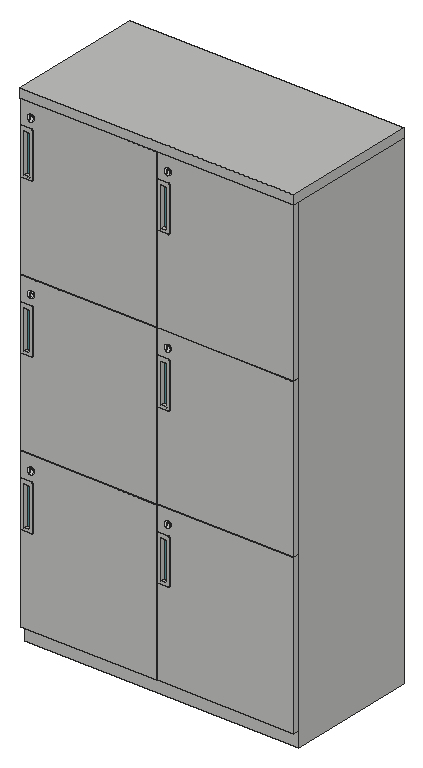
Revit family "Storage-Teknion-PLT_S_Locker_Tower_Standard-R2015", category Furniture, Revit 2015 (continued)
Forms (in)
  Extrusion 119, solid, material "Steel, Chrome Plated", visible <- "Lock Visibility 9"
    sketch origin (13.85, -9, -26.22222) x (-1, 0, 0) y (0, 0, -1)
      loop
        line (18.4817, -68.15331) -> (18.4817, -67.73113) -> (18.3563, -67.73113) -> (18.3563, -68.15331) -> (18.4817, -68.15331)
    from 0 to 0.1
  Extrusion 120, solid, material "Steel, Chrome Plated", visible <- "Lock Visibility 8"
    sketch origin (18.85, -9, -26.22222) x (-1, 0, 0) y (0, 0, -1)
      loop
        circle (17.419, -67.94222) r 0.4
      loop
        line (17.4817, -68.15331) -> (17.4817, -67.73113) -> (17.3563, -67.73113) -> (17.3563, -68.15331) -> (17.4817, -68.15331)
    from 0 to 0.1
  Extrusion 121, solid, material "Steel, Chrome Plated", visible <- "Lock Visibility 9"
    sketch origin (25.85, -9, -26.22222) x (-1, 0, 0) y (0, 0, -1)
      loop
        circle (18.419, -67.94222) r 0.4
      loop
        line (18.4817, -68.15331) -> (18.4817, -67.73113) -> (18.3563, -67.73113) -> (18.3563, -68.15331) -> (18.4817, -68.15331)
    from 0 to 0.1
  Extrusion 122, solid, material "Steel, Chrome Plated", visible <- "Lock Visibility 5"
    sketch origin (1.1, -9, -35.47222) x (-1, 0, 0) y (0, 0, -1)
      loop
        circle (17.669, -66.79222) r 0.4
      loop
        line (17.7317, -67.00331) -> (17.7317, -66.58113) -> (17.6063, -66.58113) -> (17.6063, -67.00331) -> (17.7317, -67.00331)
    from 0 to 0.1
  Extrusion 123, solid, material "Steel, Chrome Plated", visible <- "Lock Visibility 7"
    sketch origin (13.85, -9, -35.47222) x (-1, 0, 0) y (0, 0, -1)
      loop
        circle (18.419, -66.79222) r 0.4
      loop
        line (18.4817, -67.00331) -> (18.4817, -66.58113) -> (18.3563, -66.58113) -> (18.3563, -67.00331) -> (18.4817, -67.00331)
    from 0 to 0.1
  Extrusion 124, solid, material "Steel, Chrome Plated", visible <- "Lock Visibility 6"
    sketch origin (18.85, -9, -35.47222) x (-1, 0, 0) y (0, 0, -1)
      loop
        circle (17.419, -66.79222) r 0.4
      loop
        line (17.4817, -67.00331) -> (17.4817, -66.58113) -> (17.3563, -66.58113) -> (17.3563, -67.00331) -> (17.4817, -67.00331)
    from 0 to 0.1
  Extrusion 125, solid, material "Steel, Chrome Plated", visible <- "Lock Visibility 7"
    sketch origin (25.85, -9, -35.47222) x (-1, 0, 0) y (0, 0, -1)
      loop
        circle (18.419, -66.79222) r 0.4
      loop
        line (18.4817, -67.00331) -> (18.4817, -66.58113) -> (18.3563, -66.58113) -> (18.3563, -67.00331) -> (18.4817, -67.00331)
    from 0 to 0.1
  Extrusion 126, solid, material "Steel, Chrome Plated", visible <- "Lock Visibility 4"
    sketch origin (1.1, -9, -45.22222) x (-1, 0, 0) y (0, 0, -1)
      loop
        circle (17.669, -66.14222) r 0.4
      loop
        line (17.7317, -66.35331) -> (17.7317, -65.93113) -> (17.6063, -65.93113) -> (17.6063, -66.35331) -> (17.7317, -66.35331)
    from 0 to 0.1
  Extrusion 127, solid, material "Steel, Chrome Plated", visible <- "Lock Visibility 9"
    sketch origin (13.85, -9, -45.22222) x (-1, 0, 0) y (0, 0, -1)
      loop
        circle (18.419, -66.14222) r 0.4
      loop
        line (18.4817, -66.35331) -> (18.4817, -65.93113) -> (18.3563, -65.93113) -> (18.3563, -66.35331) -> (18.4817, -66.35331)
    from 0 to 0.1
  Extrusion 128, solid, material "Steel, Chrome Plated", visible <- "Lock Visibility 8"
    sketch origin (18.85, -9, -45.22222) x (-1, 0, 0) y (0, 0, -1)
      loop
        circle (17.419, -66.14222) r 0.4
      loop
        line (17.4817, -66.35331) -> (17.4817, -65.93113) -> (17.3563, -65.93113) -> (17.3563, -66.35331) -> (17.4817, -66.35331)
    from 0 to 0.1
  Extrusion 129, solid, material "Steel, Chrome Plated", visible <- "Lock Visibility 9"
    sketch origin (25.85, -9, -45.22222) x (-1, 0, 0) y (0, 0, -1)
      loop
        circle (18.419, -66.14222) r 0.4
      loop
        line (18.4817, -66.35331) -> (18.4817, -65.93113) -> (18.3563, -65.93113) -> (18.3563, -66.35331) -> (18.4817, -66.35331)
    from 0 to 0.1
Cuts and joins
  Extrusion 4 cuts Extrusion 2
  Extrusion 4, Extrusion 5, Extrusion 6, Extrusion 7, Extrusion 8, Extrusion 9, Extrusion 10, Extrusion 11, Extrusion 12, Extrusion 13, Extrusion 14, Extrusion 15, Extrusion 16, Extrusion 17, Extrusion 18, Extrusion 19, Extrusion 20, Extrusion 21, Extrusion 22, Extrusion 23, Extrusion 24, Extrusion 25, Extrusion 26, Extrusion 27, Extrusion 28, Extrusion 29 cuts Extrusion 3
  Extrusion 31, Extrusion 32, Extrusion 52, Extrusion 53, Extrusion 55, Extrusion 56, Extrusion 57, Extrusion 59, Extrusion 60, Extrusion 61, Extrusion 62, Extrusion 76 cuts Extrusion 30
  Extrusion 52, Extrusion 53, Extrusion 54 cuts Extrusion 33
  Extrusion 56, Extrusion 57, Extrusion 58 cuts Extrusion 35
  Extrusion 62, Extrusion 63, Extrusion 76, Extrusion 77 cuts Extrusion 38
  Extrusion 63, Extrusion 64, Extrusion 77, Extrusion 78 cuts Extrusion 39
  Extrusion 64, Extrusion 65, Extrusion 78, Extrusion 79 cuts Extrusion 40
  Extrusion 65, Extrusion 66, Extrusion 79, Extrusion 80 cuts Extrusion 41
  Extrusion 66, Extrusion 67, Extrusion 80, Extrusion 81 cuts Extrusion 42
  Extrusion 67, Extrusion 68, Extrusion 81, Extrusion 82 cuts Extrusion 43
  Extrusion 68, Extrusion 69, Extrusion 82, Extrusion 83 cuts Extrusion 44
  Extrusion 69, Extrusion 70, Extrusion 83, Extrusion 84 cuts Extrusion 45
  Extrusion 70, Extrusion 71, Extrusion 84, Extrusion 85 cuts Extrusion 46
  Extrusion 71, Extrusion 72, Extrusion 85, Extrusion 86 cuts Extrusion 47
  Extrusion 72, Extrusion 73, Extrusion 86, Extrusion 87 cuts Extrusion 48
  Extrusion 73, Extrusion 74, Extrusion 87, Extrusion 88 cuts Extrusion 49
  Extrusion 74, Extrusion 75, Extrusion 88, Extrusion 89 cuts Extrusion 50
  Extrusion 54, Extrusion 55 cuts Extrusion 34
  Extrusion 58, Extrusion 59 cuts Extrusion 36
  Extrusion 60, Extrusion 61 cuts Extrusion 37
  Extrusion 75, Extrusion 89 cuts Extrusion 51
Lines and regions (in)
  Masking region 1
    outline origin (0, 0, 0) x (1, 0, 0) y (0, 1, 0)
      loop
        line (-18, 9) -> (-18, -9) -> (18, -9) -> (18, 9) -> (-18, 9)
  Masking region 2, visible <- "2d Handle Visibility 1"
    outline origin (0, 0, 0) x (1, 0, 0) y (0, 1, 0)
      loop
        line (-17.7, -9) -> (-17.2, -9.86603) -> (-16.87524, -9.67853)
        arc (-16.87524, -9.67853) -> (-16.97464, -9.34625) -> (-16.95479, -9) r 1.00175
        line (-16.95479, -9) -> (-17.7, -9)
  Masking region 3, visible <- "2d Handle Visibility 3"
    outline origin (0, 0, 0) x (1, 0, 0) y (0, 1, 0)
      loop
        line (-5.7, -9) -> (-5.2, -9.86603) -> (-4.87524, -9.67853)
        arc (-4.87524, -9.67853) -> (-4.97464, -9.34625) -> (-4.95479, -9) r 1.00175
        line (-4.95479, -9) -> (-5.7, -9)
  Masking region 4, visible <- "2d Handle Visibility 2"
    outline origin (0, 0, 0) x (1, 0, 0) y (0, 1, 0)
      loop
        line (0.3, -9) -> (0.8, -9.86603) -> (1.12476, -9.67853)
        arc (1.12476, -9.67853) -> (1.02536, -9.34625) -> (1.04521, -9) r 1.00175
        line (1.04521, -9) -> (0.3, -9)
  Masking region 5, visible <- "2d Handle Visibility 3"
    outline origin (0, 0, 0) x (1, 0, 0) y (0, 1, 0)
      loop
        line (6.3, -9) -> (6.8, -9.86603) -> (7.12476, -9.67853)
        arc (7.12476, -9.67853) -> (7.02536, -9.34625) -> (7.04521, -9) r 1.00175
        line (7.04521, -9) -> (6.3, -9)
  Masking region 6, visible <- "2d Handle Visibility 4"
    outline origin (0, 0, 0) x (1, 0, 0) y (0, 1, 0)
      loop
        line (-16.969, -9) -> (-16.969, -9.1) -> (-16.169, -9.1) -> (-16.169, -9) -> (-16.969, -9)
  Masking region 7, visible <- "2d Handle Visibility 6"
    outline origin (0, 0, 0) x (1, 0, 0) y (0, 1, 0)
      loop
        line (-4.969, -9) -> (-4.969, -9.1) -> (-4.169, -9.1) -> (-4.169, -9) -> (-4.969, -9)
  Masking region 8, visible <- "2d Handle Visibility 5"
    outline origin (0, 0, 0) x (1, 0, 0) y (0, 1, 0)
      loop
        line (1.031, -9) -> (1.031, -9.1) -> (1.831, -9.1) -> (1.831, -9) -> (1.031, -9)
  Masking region 9, visible <- "2d Handle Visibility 6"
    outline origin (0, 0, 0) x (1, 0, 0) y (0, 1, 0)
      loop
        line (7.031, -9) -> (7.031, -9.1) -> (7.831, -9.1) -> (7.831, -9) -> (7.031, -9)
  Masking region 10, visible <- "2d Handle Visibility 1"
    outline origin (0, 0, 0) x (1, 0, 0) y (0, 1, 0)
      loop
        line (-16.66, -9) -> (-16.66, -9.1) -> (-15.86, -9.1) -> (-15.86, -9) -> (-16.66, -9)
  Masking region 11, visible <- "2d Handle Visibility 3"
    outline origin (0, 0, 0) x (1, 0, 0) y (0, 1, 0)
      loop
        line (-4.66, -9) -> (-4.66, -9.1) -> (-3.86, -9.1) -> (-3.86, -9) -> (-4.66, -9)
  Masking region 12, visible <- "2d Handle Visibility 2"
    outline origin (0, 0, 0) x (1, 0, 0) y (0, 1, 0)
      loop
        line (1.34, -9) -> (1.34, -9.1) -> (2.14, -9.1) -> (2.14, -9) -> (1.34, -9)
  Masking region 13, visible <- "2d Handle Visibility 3"
    outline origin (0, 0, 0) x (1, 0, 0) y (0, 1, 0)
      loop
        line (7.34, -9) -> (7.34, -9.1) -> (8.14, -9.1) -> (8.14, -9) -> (7.34, -9)
  symbolic lines, style "FurnitureHiddenLines", detail levels medium+fine
    curve 1: line (-17.95, -8.25, 0) -> (17.95, -8.25, 0)
    curve 2: line (-18, 7.73, 0) -> (18, 7.73, 0)
    curve 5: line (-17.25, 8, 0) -> (-17.25, -8.25, 0)
    curve 9: line (17.25, -8.25, 0) -> (17.25, 8, 0)
    curve 16: line (-17.95, -8.25, 0) -> (-17.95, -9, 0)
    curve 17: line (17.95, -9, 0) -> (17.95, -8.25, 0)
  symbolic lines, style "FurnitureHiddenLines", visible <- "Triple Locker", detail levels medium+fine
    curve 3: line (-6.75, -8.25, 0) -> (-6.75, 8, 0)
    curve 4: line (-6.75, 8, 0) -> (-17.25, 8, 0)
    curve 6: line (5.25, -8.25, 0) -> (5.25, 8, 0)
    curve 7: line (5.25, 8, 0) -> (-5.25, 8, 0)
    curve 8: line (-5.25, 8, 0) -> (-5.25, -8.25, 0)
    curve 10: line (17.25, 8, 0) -> (6.75, 8, 0)
    curve 11: line (6.75, 8, 0) -> (6.75, -8.25, 0)
    curve 20: line (-5.95, -9, 0) -> (-5.95, -8.25, 0)
    curve 21: line (-6.05, -8.25, 0) -> (-6.05, -9, 0)
    curve 22: line (6.05, -9, 0) -> (6.05, -8.25, 0)
    curve 23: line (5.95, -8.25, 0) -> (5.95, -9, 0)
  symbolic lines, style "FurnitureHiddenLines", visible <- "Dual Locker", detail levels medium+fine
    curve 12: line (-17.25, 8, 0) -> (-0.75, 8, 0)
    curve 13: line (-0.75, 8, 0) -> (-0.75, -8.25, 0)
    curve 14: line (17.25, 8, 0) -> (0.75, 8, 0)
    curve 15: line (0.75, 8, 0) -> (0.75, -8.25, 0)
    curve 18: line (0.05, -9, 0) -> (0.05, -8.25, 0)
    curve 19: line (-0.05, -8.25, 0) -> (-0.05, -9, 0)
  symbolic lines, style "FurnitureHiddenLines", visible <- "2d Handle Visibility 4", detail levels medium+fine
    curve 24: line (-16.335, -8.25, 0) -> (-16.335, -9, 0)
  symbolic lines, style "FurnitureHiddenLines", visible <- "2d Handle Visibility 5", detail levels medium+fine
    curve 25: line (1.665, -8.25, 0) -> (1.665, -9, 0)
  symbolic lines, style "FurnitureHiddenLines", visible <- "2d Handle Visibility 6", detail levels medium+fine
    curve 26: line (-4.335, -8.25, 0) -> (-4.335, -9, 0)
    curve 27: line (7.665, -8.25, 0) -> (7.665, -9, 0)
  symbolic lines, style "FurnitureHiddenLines", visible <- "2d Handle Visibility 4", detail levels fine
    curve 28: line (-17.576, -8.4, 0) -> (-17.576, -9, 0)
    curve 29: line (-16.522, -8.4, 0) -> (-17.576, -8.4, 0)
    curve 30: line (-16.522, -8.95, 0) -> (-16.522, -8.4, 0)
    curve 31: line (-16.709, -9, 0) -> (-16.709, -8.4, 0)
    curve 32: line (-16.709, -8.95, 0) -> (-16.522, -8.95, 0)
  symbolic lines, style "FurnitureHiddenLines", visible <- "2d Handle Visibility 6", detail levels fine
    curve 33: line (-5.576, -8.4, 0) -> (-5.576, -9, 0)
    curve 34: line (-4.522, -8.4, 0) -> (-5.576, -8.4, 0)
    curve 35: line (-4.522, -8.95, 0) -> (-4.522, -8.4, 0)
    curve 36: line (-4.709, -8.95, 0) -> (-4.522, -8.95, 0)
    curve 37: line (-4.709, -9, 0) -> (-4.709, -8.4, 0)
    curve 43: line (6.424, -8.4, 0) -> (6.424, -9, 0)
    curve 44: line (7.478, -8.4, 0) -> (6.424, -8.4, 0)
    curve 45: line (7.478, -8.95, 0) -> (7.478, -8.4, 0)
    curve 46: line (7.291, -8.95, 0) -> (7.478, -8.95, 0)
    curve 47: line (7.291, -9, 0) -> (7.291, -8.4, 0)
  symbolic lines, style "FurnitureHiddenLines", visible <- "2d Handle Visibility 5", detail levels fine
    curve 38: line (0.424, -8.4, 0) -> (0.424, -9, 0)
    curve 39: line (1.478, -8.4, 0) -> (0.424, -8.4, 0)
    curve 40: line (1.478, -8.95, 0) -> (1.478, -8.4, 0)
    curve 41: line (1.291, -8.95, 0) -> (1.478, -8.95, 0)
    curve 42: line (1.291, -9, 0) -> (1.291, -8.4, 0)
  reference lines, not visible
    curve 48: line (-18, 9, 0) -> (-18, -9, 0)
    curve 49: line (-18, 9, 0) -> (18, 9, 0)
    curve 50: line (18, 9, 0) -> (18, -9, 0)
    curve 51: line (-18, -9, 0) -> (18, -9, 0)
    curve 52: line (-18, -9, 2.05) -> (18, -9, 2.05)
Dimensions and locks (in)
  "Width": plane 4 "Left" to plane 5 "Right"
  "Depth": plane 6 "Back" to plane 7 "Front"
  "Actual Height": plane 8 "Top" to level
  equal spacing: plane 4 "Left", plane 3 "Center Left/Right", plane 5 "Right"
  equal spacing: plane 6 "Back", plane 1 "Center Front/Back", plane 7 "Front"
  locked: plane 8 "Top" to plane 9 "Underside of Top" at 1.2
  locked: plane 4 "Left" to Extrusion 3 sketch curve at 0.05
  locked: Extrusion 3 sketch curve to plane 5 "Right" at 0.05
  locked: Extrusion 3 sketch curve to Extrusion 3 sketch curve at 0.75
  locked: plane 10 "Door Cut Plane" to plane 7 "Front" at 5
  locked: Extrusion 4 sketch curve to plane 2 at 1.75
  locked: Extrusion 4 sketch curve to Extrusion 4 sketch curve at 0.1
  equal spacing: plane 5 "Right", plane 13, plane 12, plane 4 "Left"
  locked: Extrusion 5 sketch curve to Extrusion 5 sketch curve at 0.1
  equal spacing: Extrusion 5 sketch curve, plane 12, Extrusion 5 sketch curve
  locked: Extrusion 6 sketch curve to Extrusion 6 sketch curve at 0.1
  equal spacing: Extrusion 6 sketch curve, plane 13, Extrusion 6 sketch curve
  equal spacing: Extrusion 4 sketch curve, plane 3 "Center Left/Right", Extrusion 4 sketch curve
  locked: plane 9 "Underside of Top" to cut or joined group of Extrusion 3, Extrusion 4, Extrusion 5, Extrusion 6, Extrusion 7, Extrusion 8, Extrusion 9, Extrusion 10, Extrusion 11, Extrusion 12, Extrusion 13, Extrusion 14, Extrusion 15, Extrusion 16, Extrusion 17, Extrusion 18, Extrusion 19, Extrusion 20, Extrusion 21, Extrusion 22, Extrusion 23, Extrusion 24, Extrusion 25, Extrusion 26, Extrusion 27, Extrusion 28, Extrusion 29 at 0.04999
  locked: plane 14 to level at 2
  equal spacing: plane 9 "Underside of Top", plane 11 "Two High", plane 14
  plane 11 "Two High" to plane 14 = 31.200"
  "three high height": plane 9 "Underside of Top" to plane 15 "Three HIgh one"
  "three high height": plane 16 "Three High two" to plane 14
  plane 9 "Underside of Top" to plane 15 "Three HIgh one" to plane 16 "Three High two" to plane 14 = 20.800", 20.800", 20.800"
  locked: Extrusion 7 sketch curve to Extrusion 7 sketch curve at 0.1
  equal spacing: Extrusion 7 sketch curve, plane 15 "Three HIgh one", Extrusion 7 sketch curve
  locked: Extrusion 8 sketch curve to Extrusion 8 sketch curve at 0.1
  equal spacing: Extrusion 8 sketch curve, plane 11 "Two High", Extrusion 8 sketch curve
  locked: Extrusion 9 sketch curve to Extrusion 9 sketch curve at 0.1
  equal spacing: Extrusion 9 sketch curve, plane 16 "Three High two", Extrusion 9 sketch curve
  locked: Extrusion 10 sketch curve to Extrusion 10 sketch curve at 6.063
  locked: Extrusion 10 sketch curve to Extrusion 10 sketch curve at 1.615
  locked: Extrusion 10 sketch curve to Extrusion 10 sketch curve at 1.415  (x2)
  locked: Extrusion 10 sketch curve to Extrusion 10 sketch curve at 0.2  (x2)
  locked: Extrusion 10 to plane 4 "Left" at 0.05
  locked: Extrusion 11 sketch curve to Extrusion 11 sketch curve at 6.063
  locked: Extrusion 11 sketch curve to Extrusion 11 sketch curve at 1.615
  locked: Extrusion 11 sketch curve to Extrusion 11 sketch curve at 1.415  (x2)
  locked: Extrusion 11 sketch curve to Extrusion 11 sketch curve at 0.2  (x2)
  locked: Extrusion 12 sketch curve to Extrusion 12 sketch curve at 6.063
  locked: Extrusion 12 sketch curve to Extrusion 12 sketch curve at 1.615
  locked: Extrusion 12 sketch curve to Extrusion 12 sketch curve at 1.415  (x2)
  locked: Extrusion 12 sketch curve to Extrusion 12 sketch curve at 0.2  (x2)
  locked: plane 9 "Underside of Top" to Extrusion 11 at 3.216
  locked: plane 9 "Underside of Top" to Extrusion 12 at 3.216
  locked: Extrusion 11 to plane 12 at 0.05
  locked: Extrusion 12 to plane 13 at 0.05
  locked: Extrusion 13 sketch curve to Extrusion 13 sketch curve at 6.063
  locked: Extrusion 13 sketch curve to Extrusion 13 sketch curve at 1.615
  locked: Extrusion 13 sketch curve to Extrusion 13 sketch curve at 1.415  (x2)
  locked: Extrusion 13 sketch curve to Extrusion 13 sketch curve at 0.2  (x2)
  locked: plane 9 "Underside of Top" to Extrusion 13 at 3.216
  locked: Extrusion 13 to plane 3 "Center Left/Right" at 0.05
  locked: Extrusion 14 sketch curve to Extrusion 14 sketch curve at 6.063
  locked: Extrusion 14 sketch curve to Extrusion 14 sketch curve at 1.615
  locked: Extrusion 14 sketch curve to Extrusion 14 sketch curve at 1.415  (x2)
  locked: Extrusion 14 sketch curve to Extrusion 14 sketch curve at 0.2  (x2)
  locked: Extrusion 15 sketch curve to Extrusion 15 sketch curve at 6.063
  locked: Extrusion 15 sketch curve to Extrusion 15 sketch curve at 1.615
  locked: Extrusion 15 sketch curve to Extrusion 15 sketch curve at 1.415  (x2)
  locked: Extrusion 15 sketch curve to Extrusion 15 sketch curve at 0.2  (x2)
  locked: Extrusion 16 sketch curve to Extrusion 16 sketch curve at 6.063
  locked: Extrusion 16 sketch curve to Extrusion 16 sketch curve at 1.615
  locked: Extrusion 16 sketch curve to Extrusion 16 sketch curve at 1.415  (x2)
  locked: Extrusion 16 sketch curve to Extrusion 16 sketch curve at 0.2  (x2)
  locked: Extrusion 17 sketch curve to Extrusion 17 sketch curve at 6.063
  locked: Extrusion 17 sketch curve to Extrusion 17 sketch curve at 1.615
  locked: Extrusion 17 sketch curve to Extrusion 17 sketch curve at 1.415  (x2)
  locked: Extrusion 17 sketch curve to Extrusion 17 sketch curve at 0.2  (x2)
  locked: Extrusion 18 sketch curve to Extrusion 18 sketch curve at 6.063
  locked: Extrusion 18 sketch curve to Extrusion 18 sketch curve at 1.615
  locked: Extrusion 18 sketch curve to Extrusion 18 sketch curve at 1.415  (x2)
  locked: Extrusion 18 sketch curve to Extrusion 18 sketch curve at 0.2  (x2)
  locked: Extrusion 19 sketch curve to Extrusion 19 sketch curve at 6.063
  locked: Extrusion 19 sketch curve to Extrusion 19 sketch curve at 1.615
  locked: Extrusion 19 sketch curve to Extrusion 19 sketch curve at 1.415  (x2)
  locked: Extrusion 19 sketch curve to Extrusion 19 sketch curve at 0.2  (x2)
  locked: Extrusion 20 sketch curve to Extrusion 20 sketch curve at 6.063
  locked: Extrusion 20 sketch curve to Extrusion 20 sketch curve at 1.615
  locked: Extrusion 20 sketch curve to Extrusion 20 sketch curve at 1.415  (x2)
  locked: Extrusion 20 sketch curve to Extrusion 20 sketch curve at 0.2  (x2)
  locked: Extrusion 21 sketch curve to Extrusion 21 sketch curve at 6.063
  locked: Extrusion 21 sketch curve to Extrusion 21 sketch curve at 1.615
  locked: Extrusion 21 sketch curve to Extrusion 21 sketch curve at 1.415  (x2)
  locked: Extrusion 21 sketch curve to Extrusion 21 sketch curve at 0.2  (x2)
  locked: Extrusion 22 sketch curve to Extrusion 22 sketch curve at 6.063
  locked: Extrusion 22 sketch curve to Extrusion 22 sketch curve at 1.615
  locked: Extrusion 22 sketch curve to Extrusion 22 sketch curve at 1.415  (x2)
  locked: Extrusion 22 sketch curve to Extrusion 22 sketch curve at 0.2  (x2)
  locked: Extrusion 23 sketch curve to Extrusion 23 sketch curve at 6.063
  locked: Extrusion 23 sketch curve to Extrusion 23 sketch curve at 1.615
  locked: Extrusion 23 sketch curve to Extrusion 23 sketch curve at 1.415  (x2)
  locked: Extrusion 23 sketch curve to Extrusion 23 sketch curve at 0.2  (x2)
  locked: Extrusion 24 sketch curve to Extrusion 24 sketch curve at 6.063
  locked: Extrusion 24 sketch curve to Extrusion 24 sketch curve at 1.615
  locked: Extrusion 24 sketch curve to Extrusion 24 sketch curve at 1.415  (x2)
  locked: Extrusion 24 sketch curve to Extrusion 24 sketch curve at 0.2  (x2)
  locked: Extrusion 25 sketch curve to Extrusion 25 sketch curve at 6.063
  locked: Extrusion 25 sketch curve to Extrusion 25 sketch curve at 1.615
  locked: Extrusion 25 sketch curve to Extrusion 25 sketch curve at 1.415  (x2)
  locked: Extrusion 25 sketch curve to Extrusion 25 sketch curve at 0.2  (x2)
  locked: plane 11 "Two High" to Extrusion 21 at 3.216
  locked: plane 16 "Three High two" to Extrusion 22 at 3.216
  locked: Extrusion 22 to plane 4 "Left" at 0.05
  locked: plane 15 "Three HIgh one" to Extrusion 14 at 3.216
  locked: plane 15 "Three HIgh one" to Extrusion 15 at 3.216
  locked: plane 15 "Three HIgh one" to Extrusion 16 at 3.216
  locked: plane 15 "Three HIgh one" to Extrusion 17 at 3.216
  locked: plane 11 "Two High" to Extrusion 18 at 3.216
  locked: plane 11 "Two High" to Extrusion 19 at 3.216
  locked: plane 11 "Two High" to Extrusion 20 at 3.216
  locked: plane 16 "Three High two" to Extrusion 25 at 3.216
  locked: plane 16 "Three High two" to Extrusion 24 at 3.216
  locked: plane 16 "Three High two" to Extrusion 23 at 3.216
  locked: Extrusion 23 to plane 12 at 0.05
  plane 3 "Center Left/Right" to Extrusion 24 = 0.050"
  locked: Extrusion 25 to plane 13 at 0.05
  locked: Extrusion 20 to plane 12 at 0.05
  locked: Extrusion 19 to plane 3 "Center Left/Right" at 0.05
  locked: Extrusion 18 to plane 13 at 0.05
  locked: Extrusion 15 to plane 12 at 0.05
  locked: Extrusion 16 to plane 3 "Center Left/Right" at 0.05
  locked: Extrusion 17 to plane 13 at 0.05
  locked: Extrusion 14 to plane 4 "Left" at 0.05
  locked: Extrusion 26 sketch curve to Extrusion 26 sketch curve at 6.063
  locked: Extrusion 26 sketch curve to Extrusion 26 sketch curve at 1.615
  locked: Extrusion 26 sketch curve to Extrusion 26 sketch curve at 1.415  (x2)
  locked: Extrusion 26 sketch curve to Extrusion 26 sketch curve at 0.2  (x2)
  locked: Extrusion 27 sketch curve to Extrusion 27 sketch curve at 6.063
  locked: Extrusion 27 sketch curve to Extrusion 27 sketch curve at 1.615
  locked: Extrusion 27 sketch curve to Extrusion 27 sketch curve at 1.415  (x2)
  locked: Extrusion 27 sketch curve to Extrusion 27 sketch curve at 0.2  (x2)
  locked: Extrusion 28 sketch curve to Extrusion 28 sketch curve at 6.063
  locked: Extrusion 28 sketch curve to Extrusion 28 sketch curve at 1.615
  locked: Extrusion 28 sketch curve to Extrusion 28 sketch curve at 1.415  (x2)
  locked: Extrusion 28 sketch curve to Extrusion 28 sketch curve at 0.2  (x2)
  locked: Extrusion 29 sketch curve to Extrusion 29 sketch curve at 6.063
  locked: Extrusion 29 sketch curve to Extrusion 29 sketch curve at 1.615
  locked: Extrusion 29 sketch curve to Extrusion 29 sketch curve at 1.415  (x2)
  locked: Extrusion 29 sketch curve to Extrusion 29 sketch curve at 0.2  (x2)
  "single high interpret handle hight": plane 9 "Underside of Top" to Extrusion 26
  "single high interpret handle hight": plane 9 "Underside of Top" to Extrusion 27
  "single high interpret handle hight": plane 9 "Underside of Top" to Extrusion 28
  "single high interpret handle hight": plane 9 "Underside of Top" to Extrusion 29
  locked: plane 4 "Left" to Extrusion 26 at 0.05
  locked: plane 12 to Extrusion 27 at 0.05
  locked: plane 3 "Center Left/Right" to Extrusion 28 at 0.05
  locked: plane 13 to Extrusion 29 at 0.05
  locked: Extrusion 30 sketch curve to Extrusion 30 sketch curve at 1.615
  locked: Extrusion 30 sketch curve to Extrusion 30 sketch curve at 6.063
  locked: Extrusion 30 sketch curve to Extrusion 30 sketch curve at 0.2  (x4)
  locked: Extrusion 31 sketch curve to Extrusion 31 sketch curve at 5.239
  locked: Extrusion 31 sketch curve to Extrusion 31 sketch curve at 0.867
  locked: Extrusion 32 sketch curve to Extrusion 32 sketch curve at 1.054
  locked: Extrusion 32 sketch curve to Extrusion 32 sketch curve at 5.119
  locked: Extrusion 32 sketch curve to Extrusion 32 sketch curve at 0.06  (x2)
  locked: Extrusion 32 sketch curve to Extrusion 32 sketch curve at 0.867  (x2)
  locked: Extrusion 33 sketch curve to Extrusion 33 sketch curve at 1.615
  locked: Extrusion 33 sketch curve to Extrusion 33 sketch curve at 6.063
  locked: Extrusion 33 sketch curve to Extrusion 33 sketch curve at 0.2  (x4)
  locked: Extrusion 34 sketch curve to Extrusion 34 sketch curve at 1.615
  locked: Extrusion 34 sketch curve to Extrusion 34 sketch curve at 6.063
  locked: Extrusion 34 sketch curve to Extrusion 34 sketch curve at 0.2  (x4)
  locked: Extrusion 35 sketch curve to Extrusion 35 sketch curve at 1.615
  locked: Extrusion 35 sketch curve to Extrusion 35 sketch curve at 6.063
  locked: Extrusion 35 sketch curve to Extrusion 35 sketch curve at 0.2  (x4)
  locked: Extrusion 36 sketch curve to Extrusion 36 sketch curve at 1.615
  locked: Extrusion 36 sketch curve to Extrusion 36 sketch curve at 6.063
  locked: Extrusion 36 sketch curve to Extrusion 36 sketch curve at 0.2  (x4)
  locked: Extrusion 37 sketch curve to Extrusion 37 sketch curve at 1.615
  locked: Extrusion 37 sketch curve to Extrusion 37 sketch curve at 6.063
  locked: Extrusion 37 sketch curve to Extrusion 37 sketch curve at 0.2  (x4)
  locked: Extrusion 38 sketch curve to Extrusion 38 sketch curve at 1.615
  locked: Extrusion 38 sketch curve to Extrusion 38 sketch curve at 6.063
  locked: Extrusion 38 sketch curve to Extrusion 38 sketch curve at 0.2  (x4)
  locked: Extrusion 39 sketch curve to Extrusion 39 sketch curve at 1.615
  locked: Extrusion 39 sketch curve to Extrusion 39 sketch curve at 6.063
  locked: Extrusion 39 sketch curve to Extrusion 39 sketch curve at 0.2  (x4)
  locked: Extrusion 40 sketch curve to Extrusion 40 sketch curve at 1.615
  locked: Extrusion 40 sketch curve to Extrusion 40 sketch curve at 6.063
  locked: Extrusion 40 sketch curve to Extrusion 40 sketch curve at 0.2  (x4)
  locked: Extrusion 41 sketch curve to Extrusion 41 sketch curve at 1.615
  locked: Extrusion 41 sketch curve to Extrusion 41 sketch curve at 6.063
  locked: Extrusion 41 sketch curve to Extrusion 41 sketch curve at 0.2  (x4)
  locked: Extrusion 42 sketch curve to Extrusion 42 sketch curve at 1.615
  locked: Extrusion 42 sketch curve to Extrusion 42 sketch curve at 6.063
  locked: Extrusion 42 sketch curve to Extrusion 42 sketch curve at 0.2  (x4)
  locked: Extrusion 43 sketch curve to Extrusion 43 sketch curve at 1.615
  locked: Extrusion 43 sketch curve to Extrusion 43 sketch curve at 6.063
  locked: Extrusion 43 sketch curve to Extrusion 43 sketch curve at 0.2  (x4)
  locked: Extrusion 44 sketch curve to Extrusion 44 sketch curve at 1.615
  locked: Extrusion 44 sketch curve to Extrusion 44 sketch curve at 6.063
  locked: Extrusion 44 sketch curve to Extrusion 44 sketch curve at 0.2  (x4)
  locked: Extrusion 45 sketch curve to Extrusion 45 sketch curve at 1.615
  locked: Extrusion 45 sketch curve to Extrusion 45 sketch curve at 6.063
  locked: Extrusion 45 sketch curve to Extrusion 45 sketch curve at 0.2  (x4)
  locked: Extrusion 46 sketch curve to Extrusion 46 sketch curve at 1.615
  locked: Extrusion 46 sketch curve to Extrusion 46 sketch curve at 6.063
  locked: Extrusion 46 sketch curve to Extrusion 46 sketch curve at 0.2  (x4)
  locked: Extrusion 47 sketch curve to Extrusion 47 sketch curve at 1.615
  locked: Extrusion 47 sketch curve to Extrusion 47 sketch curve at 6.063
  locked: Extrusion 47 sketch curve to Extrusion 47 sketch curve at 0.2  (x4)
  locked: Extrusion 48 sketch curve to Extrusion 48 sketch curve at 1.615
  locked: Extrusion 48 sketch curve to Extrusion 48 sketch curve at 6.063
  locked: Extrusion 48 sketch curve to Extrusion 48 sketch curve at 0.2  (x4)
  locked: Extrusion 49 sketch curve to Extrusion 49 sketch curve at 1.615
  locked: Extrusion 49 sketch curve to Extrusion 49 sketch curve at 6.063
  locked: Extrusion 49 sketch curve to Extrusion 49 sketch curve at 0.2  (x4)
  locked: Extrusion 50 sketch curve to Extrusion 50 sketch curve at 1.615
  locked: Extrusion 50 sketch curve to Extrusion 50 sketch curve at 6.063
  locked: Extrusion 50 sketch curve to Extrusion 50 sketch curve at 0.2  (x4)
  locked: Extrusion 51 sketch curve to Extrusion 51 sketch curve at 1.615
  locked: Extrusion 51 sketch curve to Extrusion 51 sketch curve at 6.063
  locked: Extrusion 51 sketch curve to Extrusion 51 sketch curve at 0.2  (x4)
  locked: Extrusion 52 sketch curve to Extrusion 52 sketch curve at 5.239
  locked: Extrusion 52 sketch curve to Extrusion 52 sketch curve at 0.867
  locked: cut or joined group 1 (Extrusion 30, Extrusion 31, Extrusion 32, Extrusion 52, Extrusion 53, Extrusion 55, Extrusion 56, Extrusion 57, Extrusion 59, Extrusion 60, Extrusion 61, Extrusion 62, Extrusion 76) to Extrusion 31 sketch curve at 0.499
  locked: Extrusion 31 sketch curve to cut or joined group 1 at 0.374
  locked: Extrusion 32 sketch curve to cut or joined group 1 at 0.374
  locked: cut or joined group 1 to Extrusion 32 sketch curve at 0.499
  locked: Extrusion 53 sketch curve to Extrusion 53 sketch curve at 1.054
  locked: Extrusion 53 sketch curve to Extrusion 53 sketch curve at 5.119
  locked: Extrusion 53 sketch curve to Extrusion 53 sketch curve at 0.06  (x2)
  locked: Extrusion 53 sketch curve to Extrusion 53 sketch curve at 0.867  (x2)
  locked: Extrusion 54 sketch curve to Extrusion 54 sketch curve at 5.239
  locked: Extrusion 54 sketch curve to Extrusion 54 sketch curve at 0.867
  locked: Extrusion 55 sketch curve to Extrusion 55 sketch curve at 1.054
  locked: Extrusion 55 sketch curve to Extrusion 55 sketch curve at 5.119
  locked: Extrusion 55 sketch curve to Extrusion 55 sketch curve at 0.06  (x2)
  locked: Extrusion 55 sketch curve to Extrusion 55 sketch curve at 0.867  (x2)
  locked: Extrusion 52 sketch curve to cut or joined group of Extrusion 33, Extrusion 52, Extrusion 53, Extrusion 54 at 0.374
  locked: cut or joined group of Extrusion 33, Extrusion 52, Extrusion 53, Extrusion 54 to Extrusion 52 sketch curve at 0.499
  locked: Extrusion 53 sketch curve to cut or joined group of Extrusion 33, Extrusion 52, Extrusion 53, Extrusion 54 at 0.374
  locked: cut or joined group of Extrusion 33, Extrusion 52, Extrusion 53, Extrusion 54 to Extrusion 53 sketch curve at 0.499
  locked: Extrusion 56 sketch curve to Extrusion 56 sketch curve at 5.239
  locked: Extrusion 56 sketch curve to Extrusion 56 sketch curve at 0.867
  locked: Extrusion 57 sketch curve to Extrusion 57 sketch curve at 1.054
  locked: Extrusion 57 sketch curve to Extrusion 57 sketch curve at 5.119
  locked: Extrusion 57 sketch curve to Extrusion 57 sketch curve at 0.06  (x2)
  locked: Extrusion 57 sketch curve to Extrusion 57 sketch curve at 0.867  (x2)
  locked: Extrusion 58 sketch curve to Extrusion 58 sketch curve at 5.239
  locked: Extrusion 58 sketch curve to Extrusion 58 sketch curve at 0.867
  locked: Extrusion 59 sketch curve to Extrusion 59 sketch curve at 1.054
  locked: Extrusion 59 sketch curve to Extrusion 59 sketch curve at 5.119
  locked: Extrusion 59 sketch curve to Extrusion 59 sketch curve at 0.06  (x2)
  locked: Extrusion 59 sketch curve to Extrusion 59 sketch curve at 0.867  (x2)
  locked: Extrusion 60 sketch curve to Extrusion 60 sketch curve at 5.239
  locked: Extrusion 60 sketch curve to Extrusion 60 sketch curve at 0.867
  locked: Extrusion 61 sketch curve to Extrusion 61 sketch curve at 1.054
  locked: Extrusion 61 sketch curve to Extrusion 61 sketch curve at 5.119
  locked: Extrusion 61 sketch curve to Extrusion 61 sketch curve at 0.06  (x2)
  locked: Extrusion 61 sketch curve to Extrusion 61 sketch curve at 0.867  (x2)
  locked: Extrusion 62 sketch curve to Extrusion 62 sketch curve at 5.239
  locked: Extrusion 62 sketch curve to Extrusion 62 sketch curve at 0.867
  locked: Extrusion 63 sketch curve to Extrusion 63 sketch curve at 5.239
  locked: Extrusion 63 sketch curve to Extrusion 63 sketch curve at 0.867
  locked: Extrusion 64 sketch curve to Extrusion 64 sketch curve at 5.239
  locked: Extrusion 64 sketch curve to Extrusion 64 sketch curve at 0.867
  locked: Extrusion 65 sketch curve to Extrusion 65 sketch curve at 5.239
  locked: Extrusion 65 sketch curve to Extrusion 65 sketch curve at 0.867
  locked: Extrusion 66 sketch curve to Extrusion 66 sketch curve at 5.239
  locked: Extrusion 66 sketch curve to Extrusion 66 sketch curve at 0.867
  locked: Extrusion 67 sketch curve to Extrusion 67 sketch curve at 5.239
  locked: Extrusion 67 sketch curve to Extrusion 67 sketch curve at 0.867
  locked: Extrusion 68 sketch curve to Extrusion 68 sketch curve at 5.239
  locked: Extrusion 68 sketch curve to Extrusion 68 sketch curve at 0.867
  locked: Extrusion 69 sketch curve to Extrusion 69 sketch curve at 5.239
  locked: Extrusion 69 sketch curve to Extrusion 69 sketch curve at 0.867
  locked: Extrusion 70 sketch curve to Extrusion 70 sketch curve at 5.239
  locked: Extrusion 70 sketch curve to Extrusion 70 sketch curve at 0.867
  locked: Extrusion 71 sketch curve to Extrusion 71 sketch curve at 5.239
  locked: Extrusion 71 sketch curve to Extrusion 71 sketch curve at 0.867
  locked: Extrusion 72 sketch curve to Extrusion 72 sketch curve at 5.239
  locked: Extrusion 72 sketch curve to Extrusion 72 sketch curve at 0.867
  locked: Extrusion 73 sketch curve to Extrusion 73 sketch curve at 5.239
  locked: Extrusion 73 sketch curve to Extrusion 73 sketch curve at 0.867
  locked: Extrusion 74 sketch curve to Extrusion 74 sketch curve at 5.239
  locked: Extrusion 74 sketch curve to Extrusion 74 sketch curve at 0.867
  locked: Extrusion 75 sketch curve to Extrusion 75 sketch curve at 5.239
  locked: Extrusion 75 sketch curve to Extrusion 75 sketch curve at 0.867
  locked: Extrusion 76 sketch curve to Extrusion 76 sketch curve at 1.054
  locked: Extrusion 76 sketch curve to Extrusion 76 sketch curve at 5.119
  locked: Extrusion 76 sketch curve to Extrusion 76 sketch curve at 0.06  (x2)
  locked: Extrusion 76 sketch curve to Extrusion 76 sketch curve at 0.867  (x2)
  locked: Extrusion 77 sketch curve to Extrusion 77 sketch curve at 1.054
  locked: Extrusion 77 sketch curve to Extrusion 77 sketch curve at 5.119
  locked: Extrusion 77 sketch curve to Extrusion 77 sketch curve at 0.06  (x2)
  locked: Extrusion 77 sketch curve to Extrusion 77 sketch curve at 0.867  (x2)
  locked: Extrusion 78 sketch curve to Extrusion 78 sketch curve at 1.054
  locked: Extrusion 78 sketch curve to Extrusion 78 sketch curve at 5.119
  locked: Extrusion 78 sketch curve to Extrusion 78 sketch curve at 0.06  (x2)
  locked: Extrusion 78 sketch curve to Extrusion 78 sketch curve at 0.867  (x2)
  locked: Extrusion 79 sketch curve to Extrusion 79 sketch curve at 1.054
  locked: Extrusion 79 sketch curve to Extrusion 79 sketch curve at 5.119
  locked: Extrusion 79 sketch curve to Extrusion 79 sketch curve at 0.06  (x2)
  locked: Extrusion 79 sketch curve to Extrusion 79 sketch curve at 0.867  (x2)
  locked: Extrusion 80 sketch curve to Extrusion 80 sketch curve at 1.054
  locked: Extrusion 80 sketch curve to Extrusion 80 sketch curve at 5.119
  locked: Extrusion 80 sketch curve to Extrusion 80 sketch curve at 0.06  (x2)
  locked: Extrusion 80 sketch curve to Extrusion 80 sketch curve at 0.867  (x2)
  locked: Extrusion 81 sketch curve to Extrusion 81 sketch curve at 1.054
  locked: Extrusion 81 sketch curve to Extrusion 81 sketch curve at 5.119
  locked: Extrusion 81 sketch curve to Extrusion 81 sketch curve at 0.06  (x2)
  locked: Extrusion 81 sketch curve to Extrusion 81 sketch curve at 0.867  (x2)
  locked: Extrusion 82 sketch curve to Extrusion 82 sketch curve at 1.054
  locked: Extrusion 82 sketch curve to Extrusion 82 sketch curve at 5.119
  locked: Extrusion 82 sketch curve to Extrusion 82 sketch curve at 0.06  (x2)
  locked: Extrusion 82 sketch curve to Extrusion 82 sketch curve at 0.867  (x2)
  locked: Extrusion 83 sketch curve to Extrusion 83 sketch curve at 1.054
  locked: Extrusion 83 sketch curve to Extrusion 83 sketch curve at 5.119
  locked: Extrusion 83 sketch curve to Extrusion 83 sketch curve at 0.06  (x2)
  locked: Extrusion 83 sketch curve to Extrusion 83 sketch curve at 0.867  (x2)
  locked: Extrusion 84 sketch curve to Extrusion 84 sketch curve at 1.054
  locked: Extrusion 84 sketch curve to Extrusion 84 sketch curve at 5.119
  locked: Extrusion 84 sketch curve to Extrusion 84 sketch curve at 0.06  (x2)
  locked: Extrusion 84 sketch curve to Extrusion 84 sketch curve at 0.867  (x2)
  locked: Extrusion 85 sketch curve to Extrusion 85 sketch curve at 1.054
  locked: Extrusion 85 sketch curve to Extrusion 85 sketch curve at 5.119
  locked: Extrusion 85 sketch curve to Extrusion 85 sketch curve at 0.06  (x2)
  locked: Extrusion 85 sketch curve to Extrusion 85 sketch curve at 0.867  (x2)
  locked: Extrusion 86 sketch curve to Extrusion 86 sketch curve at 1.054
  locked: Extrusion 86 sketch curve to Extrusion 86 sketch curve at 5.119
  locked: Extrusion 86 sketch curve to Extrusion 86 sketch curve at 0.06  (x2)
  locked: Extrusion 86 sketch curve to Extrusion 86 sketch curve at 0.867  (x2)
  locked: Extrusion 87 sketch curve to Extrusion 87 sketch curve at 1.054
  locked: Extrusion 87 sketch curve to Extrusion 87 sketch curve at 5.119
  locked: Extrusion 87 sketch curve to Extrusion 87 sketch curve at 0.06  (x2)
  locked: Extrusion 87 sketch curve to Extrusion 87 sketch curve at 0.867  (x2)
  locked: Extrusion 88 sketch curve to Extrusion 88 sketch curve at 1.054
  locked: Extrusion 88 sketch curve to Extrusion 88 sketch curve at 5.119
  locked: Extrusion 88 sketch curve to Extrusion 88 sketch curve at 0.06  (x2)
  locked: Extrusion 88 sketch curve to Extrusion 88 sketch curve at 0.867  (x2)
  locked: Extrusion 89 sketch curve to Extrusion 89 sketch curve at 1.054
  locked: Extrusion 89 sketch curve to Extrusion 89 sketch curve at 5.119
  locked: Extrusion 89 sketch curve to Extrusion 89 sketch curve at 0.06  (x2)
  locked: Extrusion 89 sketch curve to Extrusion 89 sketch curve at 0.867  (x2)
  locked: cut or joined group of Extrusion 34, Extrusion 54, Extrusion 55 to Extrusion 54 sketch curve at 0.499
  locked: Extrusion 54 sketch curve to cut or joined group of Extrusion 34, Extrusion 54, Extrusion 55 at 0.374
  locked: Extrusion 55 sketch curve to cut or joined group of Extrusion 34, Extrusion 54, Extrusion 55 at 0.374
  locked: cut or joined group of Extrusion 34, Extrusion 54, Extrusion 55 to Extrusion 55 sketch curve at 0.499
  locked: Extrusion 56 sketch curve to cut or joined group of Extrusion 35, Extrusion 56, Extrusion 57, Extrusion 58 at 0.374
  locked: cut or joined group of Extrusion 35, Extrusion 56, Extrusion 57, Extrusion 58 to Extrusion 56 sketch curve at 0.499
  locked: Extrusion 57 sketch curve to cut or joined group of Extrusion 35, Extrusion 56, Extrusion 57, Extrusion 58 at 0.374
  locked: cut or joined group of Extrusion 35, Extrusion 56, Extrusion 57, Extrusion 58 to Extrusion 57 sketch curve at 0.499
  locked: Extrusion 58 sketch curve to cut or joined group of Extrusion 36, Extrusion 58, Extrusion 59 at 0.374
  locked: cut or joined group of Extrusion 36, Extrusion 58, Extrusion 59 to Extrusion 58 sketch curve at 0.499
  locked: Extrusion 59 sketch curve to cut or joined group of Extrusion 36, Extrusion 58, Extrusion 59 at 0.374
  locked: cut or joined group of Extrusion 36, Extrusion 58, Extrusion 59 to Extrusion 59 sketch curve at 0.499
  locked: Extrusion 60 sketch curve to cut or joined group of Extrusion 37, Extrusion 60, Extrusion 61 at 0.374
  locked: cut or joined group of Extrusion 37, Extrusion 60, Extrusion 61 to Extrusion 60 sketch curve at 0.499
  locked: Extrusion 61 sketch curve to cut or joined group of Extrusion 37, Extrusion 60, Extrusion 61 at 0.374
  locked: cut or joined group of Extrusion 37, Extrusion 60, Extrusion 61 to Extrusion 61 sketch curve at 0.499
  locked: Extrusion 62 sketch curve to cut or joined group of Extrusion 38, Extrusion 62, Extrusion 63, Extrusion 76, Extrusion 77 at 0.374
  locked: cut or joined group of Extrusion 38, Extrusion 62, Extrusion 63, Extrusion 76, Extrusion 77 to Extrusion 62 sketch curve at 0.499
  locked: Extrusion 76 sketch curve to cut or joined group of Extrusion 38, Extrusion 62, Extrusion 63, Extrusion 76, Extrusion 77 at 0.374
  locked: cut or joined group of Extrusion 38, Extrusion 62, Extrusion 63, Extrusion 76, Extrusion 77 to Extrusion 76 sketch curve at 0.499
  locked: Extrusion 63 sketch curve to cut or joined group of Extrusion 39, Extrusion 63, Extrusion 64, Extrusion 77, Extrusion 78 at 0.374
  locked: cut or joined group of Extrusion 39, Extrusion 63, Extrusion 64, Extrusion 77, Extrusion 78 to Extrusion 63 sketch curve at 0.499
  locked: cut or joined group of Extrusion 39, Extrusion 63, Extrusion 64, Extrusion 77, Extrusion 78 to Extrusion 77 sketch curve at 0.374
  locked: cut or joined group of Extrusion 39, Extrusion 63, Extrusion 64, Extrusion 77, Extrusion 78 to Extrusion 77 sketch curve at 0.499
  locked: Extrusion 64 sketch curve to cut or joined group of Extrusion 40, Extrusion 64, Extrusion 65, Extrusion 78, Extrusion 79 at 0.374
  locked: cut or joined group of Extrusion 40, Extrusion 64, Extrusion 65, Extrusion 78, Extrusion 79 to Extrusion 64 sketch curve at 0.499
  locked: cut or joined group of Extrusion 40, Extrusion 64, Extrusion 65, Extrusion 78, Extrusion 79 to Extrusion 78 sketch curve at 0.374
  locked: cut or joined group of Extrusion 40, Extrusion 64, Extrusion 65, Extrusion 78, Extrusion 79 to Extrusion 78 sketch curve at 0.499
  locked: Extrusion 65 sketch curve to cut or joined group of Extrusion 41, Extrusion 65, Extrusion 66, Extrusion 79, Extrusion 80 at 0.374
  locked: cut or joined group of Extrusion 41, Extrusion 65, Extrusion 66, Extrusion 79, Extrusion 80 to Extrusion 65 sketch curve at 0.499
  locked: cut or joined group of Extrusion 41, Extrusion 65, Extrusion 66, Extrusion 79, Extrusion 80 to Extrusion 79 sketch curve at 0.374
  locked: cut or joined group of Extrusion 41, Extrusion 65, Extrusion 66, Extrusion 79, Extrusion 80 to Extrusion 79 sketch curve at 0.499
  locked: Extrusion 66 sketch curve to cut or joined group of Extrusion 42, Extrusion 66, Extrusion 67, Extrusion 80, Extrusion 81 at 0.374
  locked: cut or joined group of Extrusion 42, Extrusion 66, Extrusion 67, Extrusion 80, Extrusion 81 to Extrusion 66 sketch curve at 0.499
  locked: cut or joined group of Extrusion 42, Extrusion 66, Extrusion 67, Extrusion 80, Extrusion 81 to Extrusion 80 sketch curve at 0.374
  locked: cut or joined group of Extrusion 42, Extrusion 66, Extrusion 67, Extrusion 80, Extrusion 81 to Extrusion 80 sketch curve at 0.499
  locked: Extrusion 67 sketch curve to cut or joined group of Extrusion 43, Extrusion 67, Extrusion 68, Extrusion 81, Extrusion 82 at 0.374
  locked: cut or joined group of Extrusion 43, Extrusion 67, Extrusion 68, Extrusion 81, Extrusion 82 to Extrusion 67 sketch curve at 0.499
  locked: cut or joined group of Extrusion 43, Extrusion 67, Extrusion 68, Extrusion 81, Extrusion 82 to Extrusion 81 sketch curve at 0.374
  locked: cut or joined group of Extrusion 43, Extrusion 67, Extrusion 68, Extrusion 81, Extrusion 82 to Extrusion 81 sketch curve at 0.499
  locked: Extrusion 68 sketch curve to cut or joined group of Extrusion 44, Extrusion 68, Extrusion 69, Extrusion 82, Extrusion 83 at 0.374
  locked: cut or joined group of Extrusion 44, Extrusion 68, Extrusion 69, Extrusion 82, Extrusion 83 to Extrusion 68 sketch curve at 0.499
  locked: cut or joined group of Extrusion 44, Extrusion 68, Extrusion 69, Extrusion 82, Extrusion 83 to Extrusion 82 sketch curve at 0.374
  locked: cut or joined group of Extrusion 44, Extrusion 68, Extrusion 69, Extrusion 82, Extrusion 83 to Extrusion 82 sketch curve at 0.499
  locked: Extrusion 69 sketch curve to cut or joined group of Extrusion 45, Extrusion 69, Extrusion 70, Extrusion 83, Extrusion 84 at 0.374
  locked: cut or joined group of Extrusion 45, Extrusion 69, Extrusion 70, Extrusion 83, Extrusion 84 to Extrusion 69 sketch curve at 0.499
  locked: cut or joined group of Extrusion 45, Extrusion 69, Extrusion 70, Extrusion 83, Extrusion 84 to Extrusion 83 sketch curve at 0.374
  locked: cut or joined group of Extrusion 45, Extrusion 69, Extrusion 70, Extrusion 83, Extrusion 84 to Extrusion 83 sketch curve at 0.499
  locked: Extrusion 70 sketch curve to cut or joined group of Extrusion 46, Extrusion 70, Extrusion 71, Extrusion 84, Extrusion 85 at 0.374
  locked: cut or joined group of Extrusion 46, Extrusion 70, Extrusion 71, Extrusion 84, Extrusion 85 to Extrusion 70 sketch curve at 0.499
  locked: cut or joined group of Extrusion 46, Extrusion 70, Extrusion 71, Extrusion 84, Extrusion 85 to Extrusion 84 sketch curve at 0.374
  locked: cut or joined group of Extrusion 46, Extrusion 70, Extrusion 71, Extrusion 84, Extrusion 85 to Extrusion 84 sketch curve at 0.499
  locked: Extrusion 71 sketch curve to cut or joined group of Extrusion 47, Extrusion 71, Extrusion 72, Extrusion 85, Extrusion 86 at 0.374
  locked: cut or joined group of Extrusion 47, Extrusion 71, Extrusion 72, Extrusion 85, Extrusion 86 to Extrusion 71 sketch curve at 0.499
  locked: cut or joined group of Extrusion 47, Extrusion 71, Extrusion 72, Extrusion 85, Extrusion 86 to Extrusion 85 sketch curve at 0.374
  locked: cut or joined group of Extrusion 47, Extrusion 71, Extrusion 72, Extrusion 85, Extrusion 86 to Extrusion 85 sketch curve at 0.499
  locked: Extrusion 72 sketch curve to cut or joined group of Extrusion 48, Extrusion 72, Extrusion 73, Extrusion 86, Extrusion 87 at 0.374
  locked: cut or joined group of Extrusion 48, Extrusion 72, Extrusion 73, Extrusion 86, Extrusion 87 to Extrusion 72 sketch curve at 0.499
  locked: cut or joined group of Extrusion 48, Extrusion 72, Extrusion 73, Extrusion 86, Extrusion 87 to Extrusion 86 sketch curve at 0.374
  locked: cut or joined group of Extrusion 48, Extrusion 72, Extrusion 73, Extrusion 86, Extrusion 87 to Extrusion 86 sketch curve at 0.499
  locked: Extrusion 73 sketch curve to cut or joined group of Extrusion 49, Extrusion 73, Extrusion 74, Extrusion 87, Extrusion 88 at 0.374
  locked: cut or joined group of Extrusion 49, Extrusion 73, Extrusion 74, Extrusion 87, Extrusion 88 to Extrusion 73 sketch curve at 0.499
  locked: cut or joined group of Extrusion 49, Extrusion 73, Extrusion 74, Extrusion 87, Extrusion 88 to Extrusion 87 sketch curve at 0.374
  locked: cut or joined group of Extrusion 49, Extrusion 73, Extrusion 74, Extrusion 87, Extrusion 88 to Extrusion 87 sketch curve at 0.499
  locked: Extrusion 74 sketch curve to cut or joined group of Extrusion 50, Extrusion 74, Extrusion 75, Extrusion 88, Extrusion 89 at 0.374
  locked: cut or joined group of Extrusion 50, Extrusion 74, Extrusion 75, Extrusion 88, Extrusion 89 to Extrusion 74 sketch curve at 0.499
  locked: cut or joined group of Extrusion 50, Extrusion 74, Extrusion 75, Extrusion 88, Extrusion 89 to Extrusion 88 sketch curve at 0.374
  locked: cut or joined group of Extrusion 50, Extrusion 74, Extrusion 75, Extrusion 88, Extrusion 89 to Extrusion 88 sketch curve at 0.499
  locked: Extrusion 75 sketch curve to cut or joined group of Extrusion 51, Extrusion 75, Extrusion 89 at 0.374
  locked: cut or joined group of Extrusion 51, Extrusion 75, Extrusion 89 to Extrusion 75 sketch curve at 0.499
  locked: cut or joined group of Extrusion 51, Extrusion 75, Extrusion 89 to Extrusion 89 sketch curve at 0.374
  locked: cut or joined group of Extrusion 51, Extrusion 75, Extrusion 89 to Extrusion 89 sketch curve at 0.499
  locked: plane 9 "Underside of Top" to Extrusion 10 at 3.216
  locked: plane 9 "Underside of Top" to Extrusion 30 sketch curve at 3.216
  locked: Extrusion 30 sketch curve to plane 4 "Left" at 0.05
  locked: plane 9 "Underside of Top" to Extrusion 33 sketch curve at 3.216
  locked: Extrusion 33 sketch curve to plane 12 at 0.05
  locked: plane 9 "Underside of Top" to Extrusion 35 sketch curve at 3.216
  locked: Extrusion 35 sketch curve to plane 3 "Center Left/Right" at 0.05
  locked: plane 9 "Underside of Top" to Extrusion 34 sketch curve at 3.216
  locked: Extrusion 34 sketch curve to plane 13 at 0.05
  "single high interpret handle hight": plane 9 "Underside of Top" to Extrusion 51 sketch curve
  locked: Extrusion 51 sketch curve to plane 4 "Left" at 0.05
  "single high interpret handle hight": plane 9 "Underside of Top" to Extrusion 50 sketch curve
  locked: Extrusion 50 sketch curve to plane 12 at 0.05
  "single high interpret handle hight": plane 9 "Underside of Top" to Extrusion 48 sketch curve
  locked: Extrusion 48 sketch curve to plane 3 "Center Left/Right" at 0.05
  "single high interpret handle hight": plane 9 "Underside of Top" to Extrusion 49 sketch curve
  locked: Extrusion 49 sketch curve to plane 13 at 0.05
  locked: plane 15 "Three HIgh one" to Extrusion 36 sketch curve at 3.216
  locked: Extrusion 36 sketch curve to plane 4 "Left" at 0.05
  locked: plane 15 "Three HIgh one" to Extrusion 44 sketch curve at 3.216
  locked: Extrusion 44 sketch curve to plane 12 at 0.05
  locked: plane 15 "Three HIgh one" to Extrusion 42 sketch curve at 3.216
  locked: Extrusion 42 sketch curve to plane 3 "Center Left/Right" at 0.05
  locked: plane 15 "Three HIgh one" to Extrusion 45 sketch curve at 3.216
  locked: Extrusion 45 sketch curve to plane 13 at 0.05
  locked: plane 11 "Two High" to Extrusion 38 sketch curve at 3.216
  locked: Extrusion 38 sketch curve to plane 4 "Left" at 0.05
  locked: plane 11 "Two High" to Extrusion 41 sketch curve at 3.216
  locked: Extrusion 41 sketch curve to plane 12 at 0.05
  locked: plane 11 "Two High" to Extrusion 39 sketch curve at 3.216
  locked: Extrusion 39 sketch curve to plane 3 "Center Left/Right" at 0.05
  locked: plane 11 "Two High" to Extrusion 40 sketch curve at 3.216
  locked: Extrusion 40 sketch curve to plane 13 at 0.05
  locked: plane 16 "Three High two" to Extrusion 37 sketch curve at 3.216
  locked: Extrusion 37 sketch curve to plane 4 "Left" at 0.05
  locked: plane 16 "Three High two" to Extrusion 46 sketch curve at 3.216
  locked: Extrusion 46 sketch curve to plane 12 at 0.05
  locked: plane 16 "Three High two" to Extrusion 43 sketch curve at 3.216
  locked: Extrusion 43 sketch curve to plane 3 "Center Left/Right" at 0.05
  locked: plane 16 "Three High two" to Extrusion 47 sketch curve at 3.216
  locked: Extrusion 47 sketch curve to plane 13 at 0.05
  locked: plane 4 "Left" to Extrusion 90 sketch curve at 0.3
  locked: plane 7 "Front" to Extrusion 90 sketch curve at 0
  locked: plane 12 to Extrusion 91 sketch curve at 0.3
  locked: Extrusion 91 sketch curve to plane 7 "Front" at 0
  locked: plane 3 "Center Left/Right" to Extrusion 92 sketch curve at 0.3
  locked: plane 7 "Front" to Extrusion 92 sketch curve at 0
  locked: plane 13 to Extrusion 93 sketch curve at 0.3
  locked: plane 7 "Front" to Extrusion 93 sketch curve at 0
  locked: Extrusion 110 sketch curve to Extrusion 110 sketch curve at 0.1254
  locked: Extrusion 110 sketch curve to Extrusion 110 sketch curve at 0.8
  Extrusion 110 sketch curve to Extrusion 110 sketch curve = 0.1254"
  equal spacing: Extrusion 110 sketch curve, Extrusion 110 sketch curve, Extrusion 110 sketch curve, locked at 0.21109 each
  equal spacing: Extrusion 110 sketch curve, Extrusion 110 sketch curve, Extrusion 110 sketch curve, locked at 0.0627 each
  locked: Extrusion 111 sketch curve to Extrusion 111 sketch curve at 0.1254
  locked: Extrusion 111 sketch curve to Extrusion 111 sketch curve at 0.8
  Extrusion 111 sketch curve to Extrusion 111 sketch curve = 0.1254"
  equal spacing: Extrusion 111 sketch curve, Extrusion 111 sketch curve, Extrusion 111 sketch curve, locked at 0.21109 each
  equal spacing: Extrusion 111 sketch curve, Extrusion 111 sketch curve, Extrusion 111 sketch curve, locked at 0.0627 each
  locked: Extrusion 112 sketch curve to Extrusion 112 sketch curve at 0.1254
  locked: Extrusion 112 sketch curve to Extrusion 112 sketch curve at 0.8
  Extrusion 112 sketch curve to Extrusion 112 sketch curve = 0.1254"
  equal spacing: Extrusion 112 sketch curve, Extrusion 112 sketch curve, Extrusion 112 sketch curve, locked at 0.21109 each
  equal spacing: Extrusion 112 sketch curve, Extrusion 112 sketch curve, Extrusion 112 sketch curve, locked at 0.0627 each
  locked: Extrusion 113 sketch curve to Extrusion 113 sketch curve at 0.1254
  locked: Extrusion 113 sketch curve to Extrusion 113 sketch curve at 0.8
  Extrusion 113 sketch curve to Extrusion 113 sketch curve = 0.1254"
  equal spacing: Extrusion 113 sketch curve, Extrusion 113 sketch curve, Extrusion 113 sketch curve, locked at 0.21109 each
  equal spacing: Extrusion 113 sketch curve, Extrusion 113 sketch curve, Extrusion 113 sketch curve, locked at 0.0627 each
  locked: Extrusion 114 sketch curve to Extrusion 114 sketch curve at 0.1254
  locked: Extrusion 114 sketch curve to Extrusion 114 sketch curve at 0.8
  Extrusion 114 sketch curve to Extrusion 114 sketch curve = 0.1254"
  equal spacing: Extrusion 114 sketch curve, Extrusion 114 sketch curve, Extrusion 114 sketch curve, locked at 0.21109 each
  equal spacing: Extrusion 114 sketch curve, Extrusion 114 sketch curve, Extrusion 114 sketch curve, locked at 0.0627 each
  locked: Extrusion 115 sketch curve to Extrusion 115 sketch curve at 0.1254
  locked: Extrusion 115 sketch curve to Extrusion 115 sketch curve at 0.8
  Extrusion 115 sketch curve to Extrusion 115 sketch curve = 0.1254"
  equal spacing: Extrusion 115 sketch curve, Extrusion 115 sketch curve, Extrusion 115 sketch curve, locked at 0.21109 each
  equal spacing: Extrusion 115 sketch curve, Extrusion 115 sketch curve, Extrusion 115 sketch curve, locked at 0.0627 each
  locked: Extrusion 116 sketch curve to Extrusion 116 sketch curve at 0.1254
  locked: Extrusion 116 sketch curve to Extrusion 116 sketch curve at 0.8
  Extrusion 116 sketch curve to Extrusion 116 sketch curve = 0.1254"
  equal spacing: Extrusion 116 sketch curve, Extrusion 116 sketch curve, Extrusion 116 sketch curve, locked at 0.21109 each
  equal spacing: Extrusion 116 sketch curve, Extrusion 116 sketch curve, Extrusion 116 sketch curve, locked at 0.0627 each
  locked: Extrusion 117 sketch curve to Extrusion 117 sketch curve at 0.1254
  locked: Extrusion 117 sketch curve to Extrusion 117 sketch curve at 0.8
  Extrusion 117 sketch curve to Extrusion 117 sketch curve = 0.1254"
  equal spacing: Extrusion 117 sketch curve, Extrusion 117 sketch curve, Extrusion 117 sketch curve, locked at 0.21109 each
  equal spacing: Extrusion 117 sketch curve, Extrusion 117 sketch curve, Extrusion 117 sketch curve, locked at 0.0627 each
  locked: Extrusion 118 sketch curve to Extrusion 118 sketch curve at 0.1254
  locked: Extrusion 118 sketch curve to Extrusion 118 sketch curve at 0.8
  Extrusion 118 sketch curve to Extrusion 118 sketch curve = 0.1254"
  equal spacing: Extrusion 118 sketch curve, Extrusion 118 sketch curve, Extrusion 118 sketch curve, locked at 0.21109 each
  equal spacing: Extrusion 118 sketch curve, Extrusion 118 sketch curve, Extrusion 118 sketch curve, locked at 0.0627 each
  locked: Extrusion 119 sketch curve to Extrusion 119 sketch curve at 0.1254
  locked: Extrusion 119 sketch curve to Extrusion 119 sketch curve at 0.8
  Extrusion 119 sketch curve to Extrusion 119 sketch curve = 0.1254"
  equal spacing: Extrusion 119 sketch curve, Extrusion 119 sketch curve, Extrusion 119 sketch curve, locked at 0.21109 each
  equal spacing: Extrusion 119 sketch curve, Extrusion 119 sketch curve, Extrusion 119 sketch curve, locked at 0.0627 each
  locked: Extrusion 120 sketch curve to Extrusion 120 sketch curve at 0.1254
  locked: Extrusion 120 sketch curve to Extrusion 120 sketch curve at 0.8
  Extrusion 120 sketch curve to Extrusion 120 sketch curve = 0.1254"
  equal spacing: Extrusion 120 sketch curve, Extrusion 120 sketch curve, Extrusion 120 sketch curve, locked at 0.21109 each
  equal spacing: Extrusion 120 sketch curve, Extrusion 120 sketch curve, Extrusion 120 sketch curve, locked at 0.0627 each
  locked: Extrusion 121 sketch curve to Extrusion 121 sketch curve at 0.1254
  locked: Extrusion 121 sketch curve to Extrusion 121 sketch curve at 0.8
  Extrusion 121 sketch curve to Extrusion 121 sketch curve = 0.1254"
  equal spacing: Extrusion 121 sketch curve, Extrusion 121 sketch curve, Extrusion 121 sketch curve, locked at 0.21109 each
  equal spacing: Extrusion 121 sketch curve, Extrusion 121 sketch curve, Extrusion 121 sketch curve, locked at 0.0627 each
  locked: Extrusion 122 sketch curve to Extrusion 122 sketch curve at 0.1254
  locked: Extrusion 122 sketch curve to Extrusion 122 sketch curve at 0.8
  Extrusion 122 sketch curve to Extrusion 122 sketch curve = 0.1254"
  equal spacing: Extrusion 122 sketch curve, Extrusion 122 sketch curve, Extrusion 122 sketch curve, locked at 0.21109 each
  equal spacing: Extrusion 122 sketch curve, Extrusion 122 sketch curve, Extrusion 122 sketch curve, locked at 0.0627 each
  locked: Extrusion 123 sketch curve to Extrusion 123 sketch curve at 0.1254
  locked: Extrusion 123 sketch curve to Extrusion 123 sketch curve at 0.8
  Extrusion 123 sketch curve to Extrusion 123 sketch curve = 0.1254"
  equal spacing: Extrusion 123 sketch curve, Extrusion 123 sketch curve, Extrusion 123 sketch curve, locked at 0.21109 each
  equal spacing: Extrusion 123 sketch curve, Extrusion 123 sketch curve, Extrusion 123 sketch curve, locked at 0.0627 each
  locked: Extrusion 124 sketch curve to Extrusion 124 sketch curve at 0.1254
  locked: Extrusion 124 sketch curve to Extrusion 124 sketch curve at 0.8
  Extrusion 124 sketch curve to Extrusion 124 sketch curve = 0.1254"
  equal spacing: Extrusion 124 sketch curve, Extrusion 124 sketch curve, Extrusion 124 sketch curve, locked at 0.21109 each
  equal spacing: Extrusion 124 sketch curve, Extrusion 124 sketch curve, Extrusion 124 sketch curve, locked at 0.0627 each
  locked: Extrusion 125 sketch curve to Extrusion 125 sketch curve at 0.1254
  locked: Extrusion 125 sketch curve to Extrusion 125 sketch curve at 0.8
  Extrusion 125 sketch curve to Extrusion 125 sketch curve = 0.1254"
